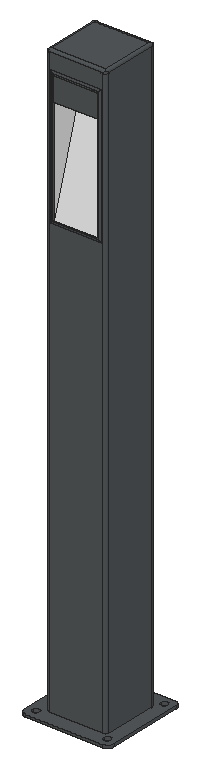
Revit family "svetilnik_alfresco_ar deko_dtu19", category Lighting Fixtures, Revit 2016 (continued)
Definition of nested family "Источник света Ар_Деко"
  Types (5, lengths in mm): name | Photometric Web File | built-in parameter 1150142
         0.2       0.2       0.2\r\n       0.2       0.2       0.2       0.2       0.2       0.2       0.2       0.2\r\n       0.2       0.2       0.2       0.2       0.2       0.2       0.2       0.2\r\n       0.2       0.2       0.2       0.2       0.2       0.2       0.2       0.2\r\n       0.2       0.2       0.2       0.1       0.1       0.1       0.1       0.1\r\n       0.1       0.1       0.1       0.1       0.0       0.0       0.0       0.0\r\n       0.0       0.0       0.0       0.0       0.0\r\n       0.0       0.0       0.0       0.0       0.0       0.0       0.0       0.0\r\n       0.1       0.1       0.1       0.1       0.1       0.1       0.1       0.1\r\n       0.1       0.1       0.1       0.1       0.1       0.1       0.1       0.1\r\n       0.1       0.2       0.2       0.2       0.2       0.2       0.2       0.2\r\n       0.1       0.2       0.2       0.2       0.2       0.1       0.2       0.1\r\n       0.2       0.2       0.2       0.2       0.2       0.2       0.2       0.2\r\n       0.2       0.2       0.2       0.2       0.2       0.2       0.2       0.2\r\n       0.2       0.2       0.2       0.2       0.2       0.2       0.2       0.2\r\n       0.2       0.2       0.2       0.2       0.2       0.2       0.2       0.2\r\n       0.2       0.2       0.2       0.2       0.2       0.2       0.2       0.2\r\n       0.2       0.2       0.2       0.2       0.2       0.2       0.2       0.2\r\n       0.2       0.2       0.2       0.2       0.2       0.2       0.2       0.2\r\n       0.2       0.2       0.2       0.2       0.2       0.2       0.2       0.2\r\n       0.2       0.2       0.2       0.2       0.2       0.2       0.2       0.2\r\n       0.2       0.2       0.2       0.2       0.2       0.2       0.2       0.2\r\n       0.2       0.2       0.2       0.2       0.2       0.2       0.2       0.2\r\n       0.2       0.2       0.2       0.2       0.2       0.2       0.2       0.1\r\n       0.2       0.2       0.2       0.1       0.2       0.2       0.2       0.2\r\n       0.2       0.2       0.2       0.2       0.2       0.2       0.2       0.2\r\n       0.2       0.2       0.2       0.2       0.2       0.2       0.2       0.1\r\n       0.1       0.1       0.1       0.1       0.1       0.1       0.1       0.1\r\n       0.1       0.1       0.1       0.0       0.0       0.0       0.0       0.0\r\n       0.0       0.0       0.0       0.0       0.0\r\n       0.0       0.0       0.0       0.0       0.0       0.0       0.0       0.0\r\n       0.1       0.1       0.1       0.1       0.1       0.1       0.1       0.1\r\n       0.1       0.1       0.1       0.1       0.1       0.1       0.1       0.1\r\n       0.1       0.1       0.1       0.1       0.1       0.1       0.1       0.1\r\n       0.1       0.1       0.2       0.1       0.2       0.2       0.2       0.1\r\n       0.2       0.2       0.2       0.2       0.2       0.2       0.2       0.2\r\n       0.2       0.2       0.2       0.2       0.2       0.2       0.2       0.2\r\n       0.2       0.2       0.2       0.2       0.2       0.2       0.2       0.2\r\n       0.2       0.2       0.2       0.2       0.2       0.2       0.2       0.2\r\n       0.2       0.2       0.2       0.2       0.2       0.2       0.2       0.2\r\n       0.2       0.2       0.2       0.2       0.2       0.2       0.2       0.2\r\n       0.2       0.2       0.2       0.2       0.2       0.2       0.2       0.2\r\n       0.2       0.2       0.2       0.2       0.2       0.2       0.2       0.2\r\n       0.2       0.2       0.2       0.2       0.2       0.2       0.2       0.2\r\n       0.2       0.2       0.2       0.2       0.2       0.2       0.2       0.2\r\n       0.2       0.2       0.2       0.2       0.2       0.2       0.2       0.2\r\n       0.2       0.2       0.2       0.2       0.2       0.2       0.2       0.2\r\n       0.2       0.2       0.2       0.2       0.2       0.2       0.2       0.2\r\n       0.2       0.2       0.2       0.1       0.1       0.1       0.1       0.1\r\n       0.1       0.1       0.1       0.1       0.1       0.1       0.1       0.1\r\n       0.1       0.1       0.1       0.1       0.1       0.1       0.1       0.1\r\n       0.1       0.1       0.0       0.0       0.0       0.0       0.0       0.0\r\n       0.0       0.0       0.0       0.0       0.0\r\n       0.0       0.0       0.0       0.0       0.0       0.0       0.0       0.0\r\n       0.1       0.1       0.1       0.1       0.1       0.1       0.1       0.1\r\n       0.1       0.1       0.1       0.1       0.1       0.1       0.1       0.1\r\n       0.1       0.1       0.1       0.1       0.1       0.1       0.1       0.1\r\n       0.1       0.1       0.1       0.1       0.1       0.1       0.1       0.1\r\n       0.1       0.1       0.1       0.1       0.1       0.1       0.1       0.1\r\n       0.1       0.1       0.1       0.1       0.1       0.1       0.1       0.1\r\n       0.1       0.1       0.1       0.2       0.1       0.1       0.1       0.2\r\n       0.2       0.2       0.2       0.2       0.2       0.2       0.2       0.2\r\n       0.2       0.2       0.1       0.2       0.2       0.1       0.2       0.2\r\n       0.1       0.2       0.2       0.2       0.2       0.2       0.2       0.2\r\n       0.2       0.2       0.2       0.2       0.2       0.2       0.2       0.2\r\n       0.2       0.2       0.2       0.2       0.2       0.2       0.2       0.2\r\n       0.1       0.2       0.2       0.2       0.2       0.2       0.2       0.1\r\n       0.2       0.2       0.2       0.1       0.2       0.2       0.1       0.1\r\n       0.1       0.1       0.2       0.1       0.1       0.2       0.2       0.1\r\n       0.1       0.1       0.1       0.1       0.1       0.1       0.1       0.1\r\n       0.1       0.1       0.1       0.1       0.1       0.1       0.1       0.1\r\n       0.1       0.1       0.1       0.1       0.1       0.1       0.1       0.1\r\n       0.1       0.1       0.1       0.1       0.1       0.1       0.1       0.1\r\n       0.1       0.1       0.1       0.1       0.1       0.1       0.1       0.1\r\n       0.1       0.1       0.0       0.0       0.0       0.0       0.0       0.0\r\n       0.0       0.0       0.0       0.0       0.0\r\n       0.0       0.0       0.0       0.0       0.0       0.0       0.0       0.0\r\n       0.1       0.1       0.1       0.1       0.1       0.1       0.1       0.1\r\n       0.1       0.1       0.1       0.1       0.1       0.1       0.1       0.1\r\n       0.1       0.1       0.1       0.1       0.1       0.1       0.1       0.1\r\n       0.1       0.1       0.1       0.1       0.1       0.1       0.1       0.1\r\n       0.1       0.1       0.1       0.1       0.1       0.1       0.1       0.1\r\n       0.1       0.1       0.1       0.1       0.1       0.1       0.1       0.1\r\n       0.1       0.1       0.1       0.1       0.1       0.1       0.1       0.1\r\n       0.1       0.1       0.1       0.1       0.1       0.1       0.1       0.1\r\n       0.1       0.1       0.1       0.1       0.1       0.1       0.1       0.1\r\n       0.1       0.1       0.1       0.1       0.1       0.1       0.1       0.1\r\n       0.1       0.1       0.1       0.1       0.1       0.1       0.1       0.1\r\n       0.1       0.1       0.1       0.1       0.1       0.1       0.1       0.1\r\n       0.1       0.1       0.1       0.1       0.1       0.1       0.1       0.1\r\n       0.1       0.1       0.1       0.1       0.1       0.1       0.1       0.1\r\n       0.1       0.1       0.1       0.1       0.1       0.1       0.1       0.1\r\n       0.1       0.1       0.1       0.1       0.1       0.1       0.1       0.1\r\n       0.1       0.1       0.1       0.1       0.1       0.1       0.1       0.1\r\n       0.1       0.1       0.1       0.1       0.1       0.1       0.1       0.1\r\n       0.1       0.1       0.1       0.1       0.1       0.1       0.1       0.1\r\n       0.1       0.1       0.1       0.1       0.1       0.1       0.1       0.1\r\n       0.1       0.1       0.0       0.0       0.0       0.0       0.0       0.0\r\n       0.0       0.0       0.0       0.0       0.0\r\n       0.0       0.0       0.0       0.0       0.0       0.0       0.0       0.0\r\n       0.1       0.1       0.1       0.1       0.1       0.1       0.1       0.1\r\n       0.1       0.1       0.1       0.1       0.1       0.1       0.1       0.1\r\n       0.1       0.1       0.1       0.1       0.1       0.1       0.1       0.1\r\n       0.1       0.1       0.1       0.1       0.1       0.1       0.1       0.1\r\n       0.1       0.1       0.1       0.1       0.1       0.1       0.1       0.1\r\n       0.1       0.1       0.1       0.1       0.1       0.1       0.1       0.1\r\n       0.1       0.1       0.1       0.1       0.1       0.1       0.1       0.1\r\n       0.1       0.1       0.1       0.1       0.1       0.1       0.1       0.1\r\n       0.1       0.1       0.1       0.1       0.1       0.1       0.1       0.1\r\n       0.1       0.1       0.1       0.1       0.1       0.1       0.1       0.1\r\n       0.1       0.1       0.1       0.1       0.1       0.1       0.1       0.1\r\n       0.1       0.1       0.1       0.1       0.1       0.1       0.1       0.1\r\n       0.1       0.1       0.1       0.1       0.1       0.1       0.1       0.1\r\n       0.1       0.1       0.1       0.1       0.1       0.1       0.1       0.1\r\n       0.1       0.1       0.1       0.1       0.1       0.1       0.1       0.1\r\n       0.1       0.1       0.1       0.1       0.1       0.1       0.1       0.1\r\n       0.1       0.1       0.1       0.1       0.1       0.1       0.1       0.1\r\n       0.1       0.1       0.1       0.1       0.1       0.1       0.1       0.1\r\n       0.1       0.1       0.1       0.1       0.1       0.1       0.1       0.1\r\n       0.1       0.1       0.1       0.1       0.1       0.1       0.1       0.1\r\n       0.1       0.1       0.0       0.0       0.0       0.0       0.0       0.0\r\n       0.0       0.0       0.0       0.0       0.0\r\n       0.0       0.0       0.0       0.0       0.0       0.0       0.0       0.0\r\n       0.1       0.1       0.1       0.1       0.1       0.1       0.1       0.1\r\n       0.1       0.1       0.1       0.1       0.1       0.1       0.1       0.1\r\n       0.1       0.1       0.1       0.1       0.1       0.1       0.1       0.1\r\n       0.1       0.1       0.1       0.1       0.1       0.1       0.1       0.1\r\n       0.1       0.1       0.1       0.1       0.1       0.1       0.1       0.1\r\n       0.1       0.1       0.1       0.1       0.1       0.1       0.2       0.2\r\n       0.2       0.1       0.1       0.2       0.2       0.2       0.1       0.2\r\n       0.1       0.2       0.2       0.2       0.2       0.2       0.2       0.2\r\n       0.2       0.2       0.2       0.2       0.2       0.2       0.2       0.2\r\n       0.2       0.2       0.2       0.2       0.2       0.2       0.2       0.2\r\n       0.2       0.2       0.2       0.2       0.2       0.2       0.2       0.2\r\n       0.2       0.2       0.2       0.2       0.2       0.2       0.2       0.2\r\n       0.2       0.2       0.2       0.2       0.2       0.2       0.2       0.2\r\n       0.2       0.2       0.2       0.2       0.2       0.2       0.1       0.1\r\n       0.1       0.2       0.1       0.1       0.1       0.1       0.1       0.1\r\n       0.1       0.1       0.1       0.1       0.1       0.1       0.1       0.1\r\n       0.1       0.1       0.1       0.1       0.1       0.1       0.1       0.1\r\n       0.1       0.1       0.1       0.1       0.1       0.1       0.1       0.1\r\n       0.1       0.1       0.1       0.1       0.1       0.1       0.1       0.1\r\n       0.1       0.1       0.1       0.1       0.1       0.1       0.1       0.1\r\n       0.1       0.1       0.0       0.0       0.0       0.0       0.0       0.0\r\n       0.0       0.0       0.0       0.0       0.0\r\n       0.0       0.0       0.0       0.0       0.0       0.0       0.0       0.0\r\n       0.1       0.1       0.1       0.1       0.1       0.1       0.1       0.1\r\n       0.1       0.1       0.1       0.1       0.1       0.1       0.1       0.1\r\n       0.1       0.1       0.1       0.1       0.1       0.1       0.2       0.2\r\n       0.2       0.2       0.2       0.2       0.2       0.2       0.2       0.2\r\n       0.2       0.2       0.2       0.2       0.2       0.2       0.2       0.2\r\n       0.2       0.2       0.2       0.2       0.2       0.2       0.2       0.2\r\n       0.2       0.2       0.2       0.2       0.2       0.2       0.2       0.2\r\n       0.2       0.2       0.2       0.2       0.2       0.2       0.2       0.2\r\n       0.2       0.2       0.2       0.2       0.2       0.2       0.2       0.2\r\n       0.2       0.2       0.2       0.2       0.2       0.2       0.2       0.2\r\n       0.2       0.2       0.2       0.2       0.2       0.2       0.2       0.2\r\n       0.2       0.2       0.2       0.2       0.2       0.2       0.2       0.2\r\n       0.2       0.2       0.2       0.2       0.2       0.2       0.2       0.2\r\n       0.2       0.2       0.2       0.2       0.2       0.2       0.2       0.2\r\n       0.2       0.2       0.2       0.2       0.2       0.2       0.2       0.2\r\n       0.2       0.2       0.2       0.2       0.2       0.2       0.2       0.2\r\n       0.2       0.2       0.2       0.2       0.2       0.2       0.2       0.2\r\n       0.2       0.2       0.2       0.2       0.2       0.1       0.1       0.1\r\n       0.1       0.1       0.1       0.1       0.1       0.1       0.1       0.1\r\n       0.1       0.1       0.1       0.1       0.1       0.1       0.1       0.1\r\n       0.1       0.1       0.0       0.0       0.0       0.0       0.0       0.0\r\n       0.0       0.0       0.0       0.0       0.0\r\n       0.0       0.0       0.0       0.0       0.0       0.0       0.0       0.0\r\n       0.1       0.1       0.1       0.1       0.1       0.1       0.1       0.1\r\n       0.1       0.1       0.1       0.1       0.1       0.1       0.2       0.2\r\n       0.2       0.2       0.2       0.2       0.2       0.2       0.2       0.2\r\n       0.2       0.2       0.2       0.2       0.2       0.2       0.2       0.2\r\n       0.2       0.2       0.2       0.2       0.2       0.2       0.2       0.2\r\n       0.2       0.2       0.2       0.2       0.2       0.2       0.2       0.2\r\n       0.2       0.2       0.2       0.2       0.2       0.2       0.2       0.2\r\n       0.2       0.2       0.2       0.2       0.2       0.2       0.2       0.2\r\n       0.2       0.2       0.2       0.2       0.2       0.2       0.2       0.2\r\n       0.2       0.2       0.2       0.2       0.2       0.2       0.2       0.2\r\n       0.2       0.2       0.2       0.2       0.2       0.2       0.2       0.2\r\n       0.2       0.2       0.2       0.2       0.2       0.2       0.2       0.2\r\n       0.2       0.2       0.2       0.2       0.2       0.2       0.2       0.2\r\n       0.2       0.2       0.2       0.2       0.2       0.2       0.2       0.2\r\n       0.2       0.2       0.2       0.2       0.2       0.2       0.2       0.2\r\n       0.2       0.2       0.2       0.2       0.2       0.2       0.2       0.2\r\n       0.2       0.2       0.2       0.2       0.2       0.2       0.2       0.2\r\n       0.2       0.2       0.2       0.2       0.2       0.2       0.2       0.2\r\n       0.2       0.2       0.1       0.2       0.2       0.1       0.1       0.1\r\n       0.1       0.1       0.1       0.1       0.1       0.1       0.1       0.1\r\n       0.1       0.1       0.1       0.0       0.0       0.0       0.0       0.0\r\n       0.0       0.0       0.0       0.0       0.0\r\n       0.0       0.0       0.0       0.0       0.0       0.0       0.0       0.0\r\n       0.1       0.1       0.1       0.1       0.1       0.1       0.1       0.1\r\n       0.1       0.2       0.2       0.2       0.2       0.2       0.2       0.2\r\n       0.2       0.2       0.2       0.2       0.2       0.2       0.2       0.2\r\n       0.2       0.2       0.2       0.2       0.2       0.2       0.2       0.2\r\n       0.2       0.2       0.2       0.2       0.2       0.2       0.2       0.2\r\n       0.2       0.2       0.2       0.2       0.2       0.2       0.2       0.2\r\n       0.2       0.2       0.2       0.2       0.2       0.2       0.2       0.2\r\n      
       0.2       0.2       0.2       0.2       0.2       0.2       0.2       0.2\r\n       0.2       0.2       0.2       0.2       0.2       0.2       0.2       0.2\r\n       0.2       0.2       0.2       0.2       0.2       0.2       0.2       0.2\r\n       0.2       0.2       0.2       0.2       0.2       0.2       0.2       0.2\r\n       0.2       0.2       0.2       0.2       0.2       0.2       0.2       0.2\r\n       0.2       0.2       0.2       0.2       0.2       0.2       0.2       0.2\r\n       0.2       0.2       0.2       0.2       0.2       0.2       0.2       0.2\r\n       0.2       0.2       0.2       0.2       0.2       0.2       0.2       0.2\r\n       0.2       0.2       0.2       0.2       0.2       0.2       0.2       0.2\r\n       0.2       0.2       0.2       0.2       0.2       0.2       0.2       0.2\r\n       0.2       0.2       0.2       0.2       0.2       0.2       0.2       0.2\r\n       0.2       0.2       0.2       0.2       0.2       0.2       0.2       0.2\r\n       0.1       0.1       0.1       0.1       0.1       0.1       0.1       0.1\r\n       0.1       0.1       0.1       0.0       0.0       0.0       0.0       0.0\r\n       0.0       0.0       0.0       0.0       0.0\r\n       0.0       0.0       0.0       0.0       0.0       0.0       0.0       0.0\r\n       0.1       0.1       0.1       0.1       0.1       0.1       0.2       0.2\r\n       0.2       0.2       0.2       0.2       0.2       0.2       0.2       0.2\r\n       0.2       0.2       0.2       0.2       0.2       0.2       0.2       0.2\r\n       0.2       0.2       0.2       0.2       0.2       0.2       0.2       0.2\r\n       0.2       0.2       0.2       0.2       0.2       0.2       0.2       0.2\r\n       0.2       0.2       0.2       0.2       0.2       0.2       0.2       0.2\r\n       0.2       0.2       0.2       0.2       0.2       0.2       0.2       0.2\r\n       0.2       0.2       0.2       0.2       0.2       0.2       0.2       0.2\r\n       0.2       0.2       0.2       0.2       0.2       0.2       0.2       0.2\r\n       0.2       0.2       0.2       0.2       0.2       0.2       0.2       0.2\r\n       0.2       0.2       0.2       0.2       0.2       0.2       0.2       0.2\r\n       0.2       0.2       0.2       0.2       0.2       0.2       0.2       0.2\r\n       0.2       0.2       0.2       0.2       0.2       0.2       0.2       0.2\r\n       0.2       0.2       0.2       0.2       0.2       0.2       0.2       0.2\r\n       0.2       0.2       0.2       0.2       0.2       0.2       0.2       0.2\r\n       0.2       0.2       0.2       0.2       0.2       0.2       0.2       0.2\r\n       0.2       0.2       0.2       0.2       0.2       0.2       0.2       0.2\r\n       0.2       0.2       0.2       0.2       0.2       0.2       0.2       0.2\r\n       0.2       0.2       0.2       0.2       0.2       0.2       0.2       0.2\r\n       0.2       0.2       0.2       0.1       0.1       0.1       0.1       0.1\r\n       0.1       0.1       0.1       0.0       0.0       0.0       0.0       0.0\r\n       0.0       0.0       0.0       0.0       0.0\r\n       0.0       0.0       0.0       0.0       0.0       0.0       0.0       0.0\r\n       0.1       0.1       0.1       0.2       0.2       0.2       0.2       0.2\r\n       0.2       0.2       0.2       0.2       0.2       0.2       0.2       0.2\r\n       0.2       0.2       0.2       0.2       0.2       0.2       0.2       0.2\r\n       0.2       0.2       0.2       0.2       0.2       0.2       0.2       0.2\r\n       0.2       0.2       0.2       0.2       0.2       0.2       0.2       0.2\r\n       0.2       0.2       0.2       0.2       0.2       0.2       0.2       0.2\r\n       0.2       0.2       0.2       0.2       0.2       0.2       0.2       0.2\r\n       0.2       0.2       0.2       0.2       0.2       0.2       0.2       0.2\r\n       0.2       0.2       0.2       0.2       0.2       0.2       0.2       0.2\r\n       0.2       0.2       0.2       0.2       0.2       0.2       0.2       0.2\r\n       0.2       0.2       0.2       0.2       0.2       0.2       0.2       0.2\r\n       0.2       0.2       0.2       0.2       0.2       0.2       0.2       0.2\r\n       0.2       0.2       0.2       0.2       0.2       0.2       0.2       0.2\r\n       0.2       0.2       0.2       0.2       0.2       0.2       0.2       0.2\r\n       0.2       0.2       0.2       0.2       0.2       0.2       0.2       0.2\r\n       0.2       0.2       0.2       0.2       0.2       0.2       0.2       0.2\r\n       0.2       0.2       0.2       0.2       0.2       0.2       0.2       0.2\r\n       0.2       0.2       0.2       0.2       0.2       0.2       0.2       0.2\r\n       0.2       0.2       0.2       0.2       0.2       0.2       0.2       0.2\r\n       0.2       0.2       0.2       0.2       0.2       0.2       0.1       0.1\r\n       0.1       0.1       0.1       0.1       0.0       0.0       0.0       0.0\r\n       0.0       0.0       0.0       0.0       0.0\r\n       0.0       0.0       0.0       0.0       0.0       0.0       0.0       0.0\r\n       0.2       0.1       0.2       0.2       0.2       0.2       0.2       0.2\r\n       0.2       0.2       0.2       0.2       0.2       0.2       0.2       0.2\r\n       0.2       0.2       0.2       0.2       0.2       0.2       0.2       0.2\r\n       0.2       0.2       0.2       0.2       0.2       0.2       0.2       0.2\r\n       0.2       0.2       0.2       0.2       0.2       0.2       0.2       0.2\r\n       0.2       0.2       0.2       0.2       0.2       0.2       0.2       0.2\r\n       0.2       0.2       0.2       0.2       0.2       0.2       0.2       0.2\r\n       0.2       0.2       0.2       0.2       0.2       0.2       0.2       0.2\r\n       0.2       0.2       0.2       0.2       0.2       0.2       0.2       0.2\r\n       0.2       0.2       0.2       0.2       0.2       0.2       0.2       0.2\r\n       0.2       0.2       0.2       0.2       0.2       0.2       0.2       0.2\r\n       0.2       0.2       0.2       0.2       0.2       0.2       0.2       0.2\r\n       0.2       0.2       0.2       0.2       0.2       0.2       0.2       0.2\r\n       0.2       0.2       0.2       0.2       0.2       0.2       0.2       0.2\r\n       0.2       0.2       0.2       0.2       0.2       0.2       0.2       0.2\r\n       0.2       0.2       0.2       0.2       0.2       0.2       0.2       0.2\r\n       0.2       0.2       0.2       0.2       0.2       0.2       0.2       0.2\r\n       0.2       0.2       0.2       0.2       0.2       0.2       0.2       0.2\r\n       0.2       0.2       0.2       0.2       0.2       0.2       0.2       0.2\r\n       0.2       0.2       0.2       0.2       0.2       0.2       0.2       0.2\r\n       0.1       0.1       0.1       0.1       0.0       0.0       0.0       0.0\r\n       0.0       0.0       0.0       0.0       0.0\r\n       0.0       0.0       0.0       0.0       0.0       0.0       0.1       0.1\r\n       0.2       0.2       0.2       0.2       0.2       0.2       0.2       0.2\r\n       0.2       0.2       0.2       0.2       0.2       0.2       0.2       0.2\r\n       0.2       0.2       0.2       0.2       0.2       0.2       0.2       0.2\r\n       0.2       0.2       0.2       0.2       0.2       0.2       0.2       0.2\r\n       0.2       0.2       0.2       0.2       0.2       0.2       0.2       0.2\r\n       0.2       0.2       0.2       0.2       0.2       0.2       0.2       0.2\r\n       0.2       0.2       0.2       0.2       0.2       0.2       0.2       0.2\r\n       0.2       0.2       0.2       0.2       0.2       0.2       0.2       0.2\r\n       0.2       0.2       0.2       0.2       0.2       0.2       0.2       0.2\r\n       0.2       0.2       0.2       0.2       0.2       0.2       0.2       0.2\r\n       0.2       0.2       0.2       0.2       0.2       0.2       0.2       0.2\r\n       0.2       0.2       0.2       0.2       0.2       0.2       0.2       0.2\r\n       0.2       0.2       0.2       0.2       0.2       0.2       0.2       0.2\r\n       0.2       0.2       0.2       0.2       0.2       0.2       0.2       0.2\r\n       0.2       0.2       0.2       0.2       0.2       0.2       0.2       0.2\r\n       0.2       0.2       0.2       0.2       0.2       0.2       0.2       0.2\r\n       0.2       0.2       0.2       0.2       0.2       0.2       0.2       0.2\r\n       0.2       0.2       0.2       0.2       0.2       0.2       0.2       0.2\r\n       0.2       0.2       0.2       0.2       0.2       0.2       0.2       0.2\r\n       0.2       0.2       0.2       0.2       0.2       0.2       0.2       0.2\r\n       0.1       0.1       0.1       0.1       0.0       0.0       0.0       0.0\r\n       0.0       0.0       0.0       0.0       0.0\r\n       0.0       0.0       0.0       0.0       0.0       0.0       0.1       0.1\r\n       0.2       0.2       0.2       0.2       0.2       0.2       0.2       0.2\r\n       0.2       0.2       0.2       0.2       0.2       0.2       0.2       0.2\r\n       0.2       0.2       0.2       0.2       0.2       0.2       0.2       0.2\r\n       0.2       0.2       0.2       0.2       0.2       0.2       0.2       0.2\r\n       0.2       0.2       0.2       0.2       0.2       0.2       0.2       0.2\r\n       0.2       0.2       0.2       0.2       0.2       0.2       0.2       0.2\r\n       0.2       0.2       0.2       0.2       0.2       0.2       0.2       0.2\r\n       0.2       0.2       0.2       0.2       0.2       0.2       0.2       0.2\r\n       0.2       0.2       0.2       0.2       0.2       0.2       0.2       0.2\r\n       0.2       0.2       0.2       0.2       0.2       0.2       0.2       0.2\r\n       0.2       0.2       0.2       0.2       0.2       0.2       0.2       0.2\r\n       0.2       0.2       0.2       0.2       0.2       0.2       0.2       0.2\r\n       0.2       0.2       0.2       0.2       0.2       0.2       0.2       0.2\r\n       0.2       0.2       0.2       0.2       0.2       0.2       0.2       0.2\r\n       0.2       0.2       0.2       0.2       0.2       0.2       0.2       0.2\r\n       0.2       0.2       0.2       0.2       0.2       0.2       0.2       0.2\r\n       0.2       0.2       0.2       0.2       0.2       0.2       0.2       0.2\r\n       0.2       0.2       0.2       0.2       0.2       0.2       0.2       0.2\r\n       0.2       0.2       0.2       0.2       0.2       0.2       0.2       0.2\r\n       0.2       0.2       0.2       0.2       0.2       0.2       0.2       0.2\r\n       0.1       0.1       0.1       0.1       0.0       0.0       0.0       0.0\r\n       0.0       0.0       0.0       0.0       0.0\r\n       0.0       0.0       0.0       0.0       0.0       0.0       0.1       0.1\r\n       0.2       0.2       0.2       0.2       0.2       0.2       0.2       0.2\r\n       0.2       0.2       0.2       0.2       0.2       0.2       0.2       0.2\r\n       0.2       0.2       0.2       0.2       0.2       0.2       0.2       0.2\r\n       0.2       0.2       0.2       0.2       0.2       0.2       0.2       0.2\r\n       0.2       0.2       0.2       0.2       0.2       0.2       0.2       0.2\r\n       0.2       0.2       0.2       0.2       0.2       0.2       0.2       0.2\r\n       0.2       0.2       0.2       0.2       0.2       0.2       0.2       0.2\r\n       0.2       0.2       0.2       0.2       0.2       0.2       0.2       0.2\r\n       0.2       0.2       0.2       0.2       0.2       0.2       0.2       0.2\r\n       0.2       0.2       0.2       0.2       0.2       0.2       0.2       0.2\r\n       0.2       0.2       0.2       0.2       0.2       0.2       0.2       0.2\r\n       0.2       0.2       0.2       0.2       0.2       0.2       0.2       0.2\r\n       0.2       0.2       0.2       0.2       0.2       0.2       0.2       0.2\r\n       0.2       0.2       0.2       0.2       0.2       0.2       0.2       0.2\r\n       0.2       0.2       0.2       0.2       0.2       0.2       0.2       0.2\r\n       0.2       0.2       0.2       0.2       0.2       0.2       0.2       0.2\r\n       0.2       0.2       0.2       0.2       0.2       0.2       0.2       0.2\r\n       0.2       0.2       0.2       0.2       0.2       0.2       0.2       0.2\r\n       0.2       0.2       0.2       0.2       0.2       0.2       0.2       0.2\r\n       0.2       0.2       0.2       0.2       0.2       0.2       0.2       0.2\r\n       0.1       0.1       0.1       0.1       0.1       0.0       0.0       0.0\r\n       0.0       0.0       0.0       0.0       0.0\r\n       0.0       0.0       0.0       0.0       0.0       0.1       0.1       0.1\r\n       0.2       0.2       0.2       0.2       0.2       0.2       0.2       0.2\r\n       0.2       0.2       0.2       0.2       0.2       0.2       0.2       0.2\r\n       0.2       0.2       0.2       0.2       0.2       0.2       0.2       0.2\r\n       0.2       0.2       0.2       0.2       0.2       0.2       0.2       0.2\r\n       0.2       0.2       0.2       0.2       0.2       0.2       0.2       0.2\r\n       0.2       0.2       0.2       0.2       0.2       0.2       0.2       0.2\r\n       0.2       0.2       0.2       0.2       0.2       0.2       0.2       0.2\r\n       0.2       0.2       0.2       0.2       0.2       0.2       0.2       0.2\r\n       0.2       0.2       0.2       0.2       0.2       0.2       0.2       0.2\r\n       0.2       0.2       0.2       0.2       0.2       0.2       0.2       0.2\r\n       0.2       0.2       0.2       0.2       0.2       0.2       0.2       0.2\r\n       0.2       0.2       0.2       0.2       0.2       0.2       0.2       0.2\r\n       0.2       0.2       0.2       0.2       0.2       0.2       0.2       0.2\r\n       0.2       0.2       0.2       0.2       0.2       0.2       0.2       0.2\r\n       0.2       0.2       0.2       0.2       0.2       0.2       0.2       0.2\r\n       0.2       0.2       0.2       0.2       0.2       0.2       0.2       0.2\r\n       0.2       0.2       0.2       0.2       0.2       0.2       0.2       0.2\r\n       0.2       0.2       0.2       0.2       0.2       0.2       0.2       0.2\r\n       0.2       0.2       0.2       0.2       0.2       0.2       0.2       0.2\r\n       0.2       0.2       0.2       0.2       0.2       0.2       0.2       0.2\r\n       0.1       0.1       0.1       0.1       0.1       0.0       0.0       0.0\r\n       0.0       0.0       0.0       0.0       0.0\r\n       0.0       0.0       0.0       0.0       0.0       0.1       0.1       0.1\r\n       0.2       0.2       0.2       0.2       0.2       0.2       0.2       0.2\r\n       0.2       0.2       0.2       0.2       0.2       0.2       0.2       0.2\r\n       0.2       0.2       0.2       0.2       0.2       0.2       0.2       0.2\r\n       0.2       0.2       0.2       0.2       0.2       0.2       0.2       0.2\r\n       0.2       0.2       0.2       0.2       0.2       0.2       0.2       0.2\r\n       0.2       0.2       0.2       0.2       0.2       0.2       0.2       0.2\r\n       0.2       0.2       0.2       0.2       0.2       0.2       0.2       0.2\r\n       0.2       0.2       0.2       0.2       0.2       0.2       0.2       0.2\r\n       0.2       0.2       0.2       0.2       0.2       0.2       0.2       0.2\r\n       0.2       0.2       0.2       0.2       0.2       0.2       0.2       0.2\r\n       0.2       0.2       0.2       0.2       0.2       0.2       0.2       0.2\r\n       0.2       0.2       0.2       0.2       0.2       0.2       0.2       0.2\r\n       0.2       0.2       0.2       0.2       0.2       0.2       0.2       0.2\r\n       0.2       0.2       0.2       0.2       0.2       0.2       0.2       0.2\r\n       0.2       0.2       0.2       0.2       0.2       0.2       0.2       0.2\r\n       0.2       0.2       0.2       0.2       0.2       0.2       0.2       0.2\r\n       0.2       0.2       0.2       0.2       0.2       0.2       0.2       0.2\r\n       0.2       0.2       0.2       0.2       0.2       0.2       0.2       0.2\r\n       0.2       0.2       0.2       0.2       0.2       0.2       0.2       0.2\r\n       0.2       0.2       0.2       0.2       0.2       0.2       0.2       0.2\r\n       0.1       0.1       0.1       0.1       0.1       0.0       0.0       0.0\r\n       0.0
